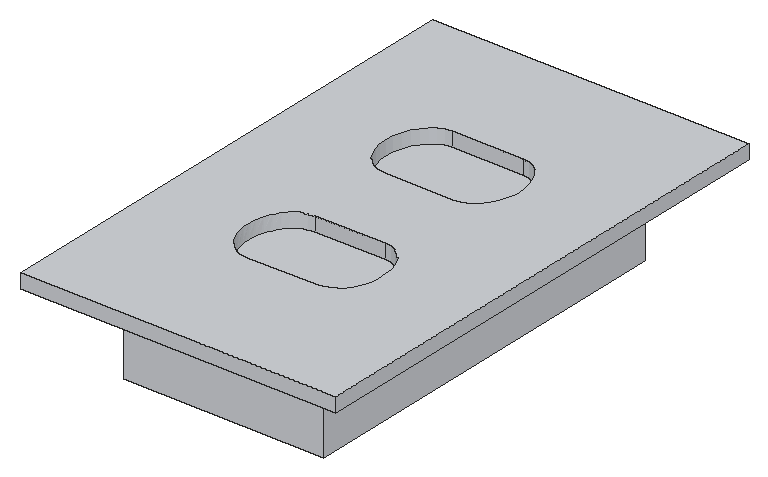
Revit family "Receptacle", category Electrical Fixtures, host Face, Revit 2025
Family settings
  Host = Face
  Round Connector Dimension = Use Diameter
  Part Type = Junction Box
  Cut with Voids When Loaded = No
  Maintain Annotation Orientation = Yes
  Shared = No
  Room Calculation Point = No
Parameters (values of type "Duplex")
  x = 0.74588"
  Width = 2 3/4"
  Wall Mounted = not(Face Mounted)  # no
  Height = 4 1/2"
  Face Mounted = yes
  er = 0.27848"
  Depth = 1/8"
  Cut Distance = 0"
  Count = 1
  Back Depth = 3/4"
  Default Elevation = 48"
  Back Width = Width - Back Margin  # 1 3/4"
  Back Margin = 1"
  Back Height = Height - Back Margin  # 3 1/2"
Types (2): name | Width | Cut Distance | Count | Back Width
  Duplex | 2 3/4" | 0" | 1 | 1 3/4"
  Two Duplex | 5 1/2" | 1" | 2 | 4 1/2"
Reference planes (in)
  plane 1 "Center (Front/Back)": y = 0
  plane 2: z = 0
  plane 3 "Center (Left/Right)": x = 0
  plane 4: z = 0.125
  plane 5: z = -0.75
  plane 6: y = 0.75
  plane 7: x = -0.30682
  plane 8: x = 0.30682
  plane 9: y = -0.75
  plane 10: x = 0
  plane 11: y = 0.75
  plane 12: x = -0.30682
  plane 13: x = 0.30682
  plane 14: y = -0.75
  plane 15: x = 0
Forms (in)
  Extrusion 1, solid
    sketch origin (0, 0, 0) x (1, 0, 0) y (0, 1, 0)
      loop
        line (-1.375, 2.25) -> (-1.375, -2.25) -> (1.375, -2.25) -> (1.375, 2.25) -> (-1.375, 2.25)
    from 0 to 0.125
  Extrusion 2, solid
    sketch origin (0, 0, 0) x (1, 0, 0) y (0, 1, 0)
      loop
        line (-0.875, 1.75) -> (-0.875, -1.75) -> (0.875, -1.75) -> (0.875, 1.75) -> (-0.875, 1.75)
    from 0 to -0.75
  Extrusion 3, void
    sketch origin (0, 0, 0) x (1, 0, 0) y (0, 1, 0)
      loop
        spline (-0.30682, 1.12294) -> (-0.3789, 1.11023) -> (-0.44606, 1.07298) -> (-0.50374, 1.01371) -> (-0.54799, 0.93647) -> (-0.57581, 0.84652) -> (-0.5853, 0.75) -> (-0.57581, 0.65348) -> (-0.54799, 0.56353) -> (-0.50374, 0.48629) -> (-0.44606, 0.42702) -> (-0.3789, 0.38977) -> (-0.30682, 0.37706)
        line (-0.30682, 0.37706) -> (0.30682, 0.37706)
        spline (0.30682, 0.37706) -> (0.3789, 0.38977) -> (0.44606, 0.42702) -> (0.50374, 0.48629) -> (0.54799, 0.56353) -> (0.57581, 0.65348) -> (0.5853, 0.75) -> (0.57581, 0.84652) -> (0.54799, 0.93647) -> (0.50374, 1.01371) -> (0.44606, 1.07298) -> (0.3789, 1.11023) -> (0.30682, 1.12294)
        line (0.30682, 1.12294) -> (-0.30682, 1.12294)
      loop
        spline (-0.30682, -0.37706) -> (-0.3789, -0.38977) -> (-0.44606, -0.42702) -> (-0.50374, -0.48629) -> (-0.54799, -0.56353) -> (-0.57581, -0.65348) -> (-0.5853, -0.75) -> (-0.57581, -0.84652) -> (-0.54799, -0.93647) -> (-0.50374, -1.01371) -> (-0.44606, -1.07298) -> (-0.3789, -1.11023) -> (-0.30682, -1.12294)
        line (-0.30682, -1.12294) -> (0.30682, -1.12294)
        spline (0.30682, -1.12294) -> (0.3789, -1.11023) -> (0.44606, -1.07298) -> (0.50374, -1.01371) -> (0.54799, -0.93647) -> (0.57581, -0.84652) -> (0.5853, -0.75) -> (0.57581, -0.65348) -> (0.54799, -0.56353) -> (0.50374, -0.48629) -> (0.44606, -0.42702) -> (0.3789, -0.38977) -> (0.30682, -0.37706)
        line (0.30682, -0.37706) -> (-0.30682, -0.37706)
    from 0.125 to 0
  Extrusion 4, void
    sketch origin (0, 0, 0) x (1, 0, 0) y (0, 1, 0)
      loop
        spline (-0.30682, 1.12294) -> (-0.3789, 1.11023) -> (-0.44606, 1.07298) -> (-0.50374, 1.01371) -> (-0.54799, 0.93647) -> (-0.57581, 0.84652) -> (-0.5853, 0.75) -> (-0.57581, 0.65348) -> (-0.54799, 0.56353) -> (-0.50374, 0.48629) -> (-0.44606, 0.42702) -> (-0.3789, 0.38977) -> (-0.30682, 0.37706)
        line (-0.30682, 0.37706) -> (0.30682, 0.37706)
        spline (0.30682, 0.37706) -> (0.3789, 0.38977) -> (0.44606, 0.42702) -> (0.50374, 0.48629) -> (0.54799, 0.56353) -> (0.57581, 0.65348) -> (0.5853, 0.75) -> (0.57581, 0.84652) -> (0.54799, 0.93647) -> (0.50374, 1.01371) -> (0.44606, 1.07298) -> (0.3789, 1.11023) -> (0.30682, 1.12294)
        line (0.30682, 1.12294) -> (-0.30682, 1.12294)
      loop
        spline (-0.30682, -0.37706) -> (-0.3789, -0.38977) -> (-0.44606, -0.42702) -> (-0.50374, -0.48629) -> (-0.54799, -0.56353) -> (-0.57581, -0.65348) -> (-0.5853, -0.75) -> (-0.57581, -0.84652) -> (-0.54799, -0.93647) -> (-0.50374, -1.01371) -> (-0.44606, -1.07298) -> (-0.3789, -1.11023) -> (-0.30682, -1.12294)
        line (-0.30682, -1.12294) -> (0.30682, -1.12294)
        spline (0.30682, -1.12294) -> (0.3789, -1.11023) -> (0.44606, -1.07298) -> (0.50374, -1.01371) -> (0.54799, -0.93647) -> (0.57581, -0.84652) -> (0.5853, -0.75) -> (0.57581, -0.65348) -> (0.54799, -0.56353) -> (0.50374, -0.48629) -> (0.44606, -0.42702) -> (0.3789, -0.38977) -> (0.30682, -0.37706)
        line (0.30682, -0.37706) -> (-0.30682, -0.37706)
    from 0.125 to 0
Cuts and joins
  Extrusion 3, Extrusion 4 cuts Extrusion 1
  Extrusion 3, Extrusion 4 cuts Extrusion 2
Dimensions and locks (in)
  equal spacing: Extrusion 1 sketch curve, plane 3 "Center (Left/Right)", Extrusion 1 sketch curve
  "Width": Extrusion 1 sketch curve to Extrusion 1 sketch curve
  "Height": Extrusion 1 sketch curve to Extrusion 1 sketch curve
  equal spacing: Extrusion 1 sketch curve, plane 1 "Center (Front/Back)", Extrusion 1 sketch curve
  "Depth": plane 4 to plane 2
  "Back Depth": plane 2 to plane 5
  plane 6 to plane 1 "Center (Front/Back)" = 3/4"
  equal spacing: Extrusion 3 sketch curve, plane 6, Extrusion 3 sketch curve
  "x": Extrusion 3 sketch curve to Extrusion 3 sketch curve  (x2)
  equal spacing: Extrusion 3 sketch curve, plane 9, Extrusion 3 sketch curve
  "er": Extrusion 3 sketch curve to Extrusion 3 sketch curve  (x4)
  equal spacing: Extrusion 2 sketch curve, plane 3 "Center (Left/Right)", Extrusion 2 sketch curve
  equal spacing: Extrusion 2 sketch curve, plane 1 "Center (Front/Back)", Extrusion 2 sketch curve
  "Back Height": Extrusion 2 sketch curve to Extrusion 2 sketch curve
  "Back Width": Extrusion 2 sketch curve to Extrusion 2 sketch curve
  equal spacing: Extrusion 4 sketch curve, plane 11, Extrusion 4 sketch curve
  "x": Extrusion 4 sketch curve to Extrusion 4 sketch curve  (x2)
  equal spacing: Extrusion 4 sketch curve, plane 14, Extrusion 4 sketch curve
  "er": Extrusion 4 sketch curve to Extrusion 4 sketch curve  (x4)
  group 1 to group 2 = 0"  (x3)
  "Cut Distance": plane 10 to plane 3 "Center (Left/Right)"
  "Cut Distance": plane 3 "Center (Left/Right)" to plane 15
  aligned and locked: plane 2 to host face
  aligned and locked: level to host face
  aligned and locked: plane 4 to Extrusion 1
  aligned and locked: Extrusion 2 to plane 5
  aligned and locked: plane 7 to Extrusion 3 sketch curve  (x4)
  aligned and locked: plane 8 to Extrusion 3 sketch curve  (x3)
  aligned and locked: Extrusion 1 to Extrusion 3
  aligned and locked: Extrusion 3 to level
  aligned and locked: plane 12 to Extrusion 4 sketch curve  (x4)
  aligned and locked: plane 13 to Extrusion 4 sketch curve  (x3)
Automatic sketch dimensions
  host sketch curve to host sketch curve = 96"  (x2)
Nested families (in)
  nested 1: "Wall Mounted" at (0, 0, 0), visible <- "Face Mounted", type "Standard"
Connectors (in)
  electrical at (0, 0, 0.125)
    settings: on Extrusion 1, index 1, voltage 0 V, apparent load 0 VA, apparent load phase1 0 VA, apparent load phase2 0 VA, apparent load phase3 0 VA, power factor 1, load classification "Other", number of poles 1, system type 31, power factor state 1, is connector primary yes, connector utility no, sub classification motor no, connector description ""
Definition of nested family "Wall Mounted"
  Parameters (values of type "Standard")
    Diameter = 59/256"
    Center Height = Diameter * 1.5 * 0.6  # 0.20742"
  Reference planes (in)
    plane 1: y = 0
    plane 2: x = 0
  Lines and regions (in)
    detail lines
      curve 1: line (-0.03552, 0.30625, 0) -> (-0.03552, 0, 0)
      curve 2: line (0.03552, 0.30625, 0) -> (0.03552, 0, 0)
      curve 5: circle (0, 0.19662, 0) r 0.11523 normal (0, 0, 1)
    reference lines
      curve 3: line (-0.21695, 0, 0) -> (0.28305, 0, 0)
      curve 4: line (-0.125, 0.20742, 0) -> (0.46654, 0.20742, 0)
  Dimensions and locks (in)
    curve 1 to curve 2 = 0.07104"
    "Center Height": plane 1 to curve 4
    equal spacing: curve 1, plane 2, curve 2
    aligned and locked: curve 3 to curve 2
    aligned and locked: curve 3 to curve 1
  Automatic sketch dimensions
    curve 5 to plane 2 = 0"
    curve 5 to plane 1 = 0.19662"
    curve 1 to plane 2 = 0.03552"
    curve 5 to curve 2 = 0.10962"
    plane 1 to curve 3 = 0"
    curve 3 to plane 2 = 0.21695"
    curve 4 to plane 2 = 1/8"
    plane 2 to curve 3 = 0.28305"
    curve 3 to curve 4 = 0.18349"
